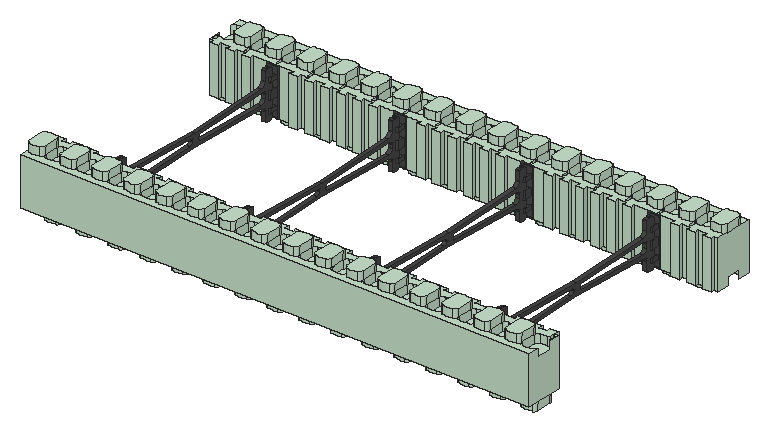
Revit family
Reference planes (in)
  plane 1 "Center (Front/Back)": y = 0
  plane 2: z = 0
  plane 3 "Center (Left/Right)": x = 0
  plane 4: y = 2.625
  plane 5: x = 32
  plane 6: z = 3
  plane 7: y = 14.625
  plane 8: y = 17.25
Forms (in)
  Extrusion 1, solid, material "NUDURA Expanded Polystyrene Foam Insulation"
    sketch origin (0, 0, 0) x (1, 0, 0) y (0, 1, 0)
      loop
        line (0, 2.375) -> (0, 0) -> (32, 0) -> (32, 2.375) -> (31.71883, 2.375) -> (31.78117, 2.625) -> (31.21883, 2.625) -> (31.28117, 2.375) -> (30.71883, 2.375) -> (30.78117, 2.625) -> (30.21883, 2.625) -> (30.28117, 2.375) -> (29.71883, 2.375) -> (29.78117, 2.625) -> (29.21883, 2.625) -> (29.28117, 2.375) -> (26.71883, 2.375) -> (26.78117, 2.625) -> (26.21883, 2.625) -> (26.28117, 2.375) -> (25.71883, 2.375) -> (25.78117, 2.625) -> (25.21883, 2.625) -> (25.28117, 2.375) -> (24.71883, 2.375) -> (24.78117, 2.625) -> (24.21883, 2.625) -> (24.28117, 2.375) -> (23.71883, 2.375) -> (23.78117, 2.625) -> (23.21883, 2.625) -> (23.28117, 2.375) -> (22.71883, 2.375) -> (22.78117, 2.625) -> (22.21883, 2.625) -> (22.28117, 2.375) -> (21.71883, 2.375) -> (21.78117, 2.625) -> (21.21883, 2.625) -> (21.28117, 2.375) -> (18.71883, 2.375) -> (18.78117, 2.625) -> (18.21883, 2.625) -> (18.28117, 2.375) -> (17.71883, 2.375) -> (17.78117, 2.625) -> (17.21883, 2.625) -> (17.28117, 2.375) -> (16.71883, 2.375) -> (16.78117, 2.625) -> (16.21883, 2.625) -> (16.28117, 2.375) -> (15.71883, 2.375) -> (15.78117, 2.625) -> (15.21883, 2.625) -> (15.28117, 2.375) -> (14.71883, 2.375) -> (14.78117, 2.625) -> (14.21883, 2.625) -> (14.28117, 2.375) -> (13.71883, 2.375) -> (13.78117, 2.625) -> (13.21883, 2.625) -> (13.28117, 2.375) -> (10.71883, 2.375) -> (10.78117, 2.625) -> (10.21883, 2.625) -> (10.28117, 2.375) -> (9.71883, 2.375) -> (9.78117, 2.625) -> (9.21883, 2.625) -> (9.28117, 2.375) -> (8.71883, 2.375) -> (8.78117, 2.625) -> (8.21883, 2.625) -> (8.28117, 2.375) -> (7.71883, 2.375) -> (7.78117, 2.625) -> (7.21883, 2.625) -> (7.28117, 2.375) -> (6.71883, 2.375) -> (6.78117, 2.625) -> (6.21883, 2.625) -> (6.28117, 2.375) -> (5.71883, 2.375) -> (5.78117, 2.625) -> (5.21883, 2.625) -> (5.28117, 2.375) -> (2.71883, 2.375) -> (2.78117, 2.625) -> (2.21883, 2.625) -> (2.28117, 2.375) -> (1.71883, 2.375) -> (1.78117, 2.625) -> (1.21883, 2.625) -> (1.28117, 2.375) -> (0.71883, 2.375) -> (0.78117, 2.625) -> (0.21883, 2.625) -> (0.28117, 2.375) -> (0, 2.375)
      loop
        line (0, 14.875) -> (0.28117, 14.875) -> (0.21883, 14.625) -> (0.78117, 14.625) -> (0.71883, 14.875) -> (1.28117, 14.875) -> (1.21883, 14.625) -> (1.78117, 14.625) -> (1.71883, 14.875) -> (2.28117, 14.875) -> (2.21883, 14.625) -> (2.78117, 14.625) -> (2.71883, 14.875) -> (5.28117, 14.875) -> (5.21883, 14.625) -> (5.78117, 14.625) -> (5.71883, 14.875) -> (6.28117, 14.875) -> (6.21883, 14.625) -> (6.78117, 14.625) -> (6.71883, 14.875) -> (7.28117, 14.875) -> (7.21883, 14.625) -> (7.78117, 14.625) -> (7.71883, 14.875) -> (8.28117, 14.875) -> (8.21883, 14.625) -> (8.78117, 14.625) -> (8.71883, 14.875) -> (9.28117, 14.875) -> (9.21883, 14.625) -> (9.78117, 14.625) -> (9.71883, 14.875) -> (10.28117, 14.875) -> (10.21883, 14.625) -> (10.78117, 14.625) -> (10.71883, 14.875) -> (13.28117, 14.875) -> (13.21883, 14.625) -> (13.78117, 14.625) -> (13.71883, 14.875) -> (14.28117, 14.875) -> (14.21883, 14.625) -> (14.78117, 14.625) -> (14.71883, 14.875) -> (15.28117, 14.875) -> (15.21883, 14.625) -> (15.78117, 14.625) -> (15.71883, 14.875) -> (16.28117, 14.875) -> (16.21883, 14.625) -> (16.78117, 14.625) -> (16.71883, 14.875) -> (17.28117, 14.875) -> (17.21883, 14.625) -> (17.78117, 14.625) -> (17.71883, 14.875) -> (18.28117, 14.875) -> (18.21883, 14.625) -> (18.78117, 14.625) -> (18.71883, 14.875) -> (21.28117, 14.875) -> (21.21883, 14.625) -> (21.78117, 14.625) -> (21.71883, 14.875) -> (22.28117, 14.875) -> (22.21883, 14.625) -> (22.78117, 14.625) -> (22.71883, 14.875) -> (23.28117, 14.875) -> (23.21883, 14.625) -> (23.78117, 14.625) -> (23.71883, 14.875) -> (24.28117, 14.875) -> (24.21883, 14.625) -> (24.78117, 14.625) -> (24.71883, 14.875) -> (25.28117, 14.875) -> (25.21883, 14.625) -> (25.78117, 14.625) -> (25.71883, 14.875) -> (26.28117, 14.875) -> (26.21883, 14.625) -> (26.78117, 14.625) -> (26.71883, 14.875) -> (29.28117, 14.875) -> (29.21883, 14.625) -> (29.78117, 14.625) -> (29.71883, 14.875) -> (30.28117, 14.875) -> (30.21883, 14.625) -> (30.78117, 14.625) -> (30.71883, 14.875) -> (31.28117, 14.875) -> (31.21883, 14.625) -> (31.78117, 14.625) -> (31.71883, 14.875) -> (32, 14.875) -> (32, 17.25) -> (0, 17.25) -> (0, 14.875)
    from 0 to 3
  Extrusion 2, void
    sketch origin (0, 0, 0) x (1, 0, 0) y (0, 1, 0)
      loop
        line (1.74592, 2.20655) -> (1.74592, 1.98495)
        arc (1.74592, 1.98495) -> (1.72385, 1.93729) -> (1.67323, 1.92328) r 0.0625
        arc (1.67323, 1.92328) -> (1.42092, 1.93455) -> (1.17308, 1.88595) r 1.0625
        arc (1.17308, 1.88595) -> (1.04785, 1.79517) -> (1, 1.64808) r 0.25
        line (1, 1.64808) -> (1, 0.72692)
        arc (1, 0.72692) -> (1.04785, 0.57983) -> (1.17308, 0.48905) r 0.25
        arc (1.17308, 0.48905) -> (1.5, 0.4375) -> (1.82692, 0.48905) r 1.0625
        arc (1.82692, 0.48905) -> (1.95215, 0.57983) -> (2, 0.72692) r 0.25
        line (2, 0.72692) -> (2, 1.64808)
        arc (2, 1.64808) -> (1.98276, 1.73932) -> (1.9334, 1.81798) r 0.25
        arc (1.9334, 1.81798) -> (1.92106, 1.83764) -> (1.91675, 1.86045) r 0.0625
        line (1.91675, 1.86045) -> (1.91675, 2.20655) -> (1.74592, 2.20655)
    from 3 to 2.5
  Extrusion 3, void
    sketch origin (2, 0, 0) x (1, 0, 0) y (0, 1, 0)
      loop
        line (1.74592, 2.20655) -> (1.74592, 1.98495)
        arc (1.74592, 1.98495) -> (1.72385, 1.93729) -> (1.67323, 1.92328) r 0.0625
        arc (1.67323, 1.92328) -> (1.42092, 1.93455) -> (1.17308, 1.88595) r 1.0625
        arc (1.17308, 1.88595) -> (1.04785, 1.79517) -> (1, 1.64808) r 0.25
        line (1, 1.64808) -> (1, 0.72692)
        arc (1, 0.72692) -> (1.04785, 0.57983) -> (1.17308, 0.48905) r 0.25
        arc (1.17308, 0.48905) -> (1.5, 0.4375) -> (1.82692, 0.48905) r 1.0625
        arc (1.82692, 0.48905) -> (1.95215, 0.57983) -> (2, 0.72692) r 0.25
        line (2, 0.72692) -> (2, 1.64808)
        arc (2, 1.64808) -> (1.98276, 1.73932) -> (1.9334, 1.81798) r 0.25
        arc (1.9334, 1.81798) -> (1.92106, 1.83764) -> (1.91675, 1.86045) r 0.0625
        line (1.91675, 1.86045) -> (1.91675, 2.20655) -> (1.74592, 2.20655)
    from 3 to 2.5
  Extrusion 4, void
    sketch origin (4, 0, 0) x (1, 0, 0) y (0, 1, 0)
      loop
        line (1.74592, 2.20655) -> (1.74592, 1.98495)
        arc (1.74592, 1.98495) -> (1.72385, 1.93729) -> (1.67323, 1.92328) r 0.0625
        arc (1.67323, 1.92328) -> (1.42092, 1.93455) -> (1.17308, 1.88595) r 1.0625
        arc (1.17308, 1.88595) -> (1.04785, 1.79517) -> (1, 1.64808) r 0.25
        line (1, 1.64808) -> (1, 0.72692)
        arc (1, 0.72692) -> (1.04785, 0.57983) -> (1.17308, 0.48905) r 0.25
        arc (1.17308, 0.48905) -> (1.5, 0.4375) -> (1.82692, 0.48905) r 1.0625
        arc (1.82692, 0.48905) -> (1.95215, 0.57983) -> (2, 0.72692) r 0.25
        line (2, 0.72692) -> (2, 1.64808)
        arc (2, 1.64808) -> (1.98276, 1.73932) -> (1.9334, 1.81798) r 0.25
        arc (1.9334, 1.81798) -> (1.92106, 1.83764) -> (1.91675, 1.86045) r 0.0625
        line (1.91675, 1.86045) -> (1.91675, 2.20655) -> (1.74592, 2.20655)
    from 3 to 2.5
  Extrusion 5, void
    sketch origin (6, 0, 0) x (1, 0, 0) y (0, 1, 0)
      loop
        line (1.74592, 2.20655) -> (1.74592, 1.98495)
        arc (1.74592, 1.98495) -> (1.72385, 1.93729) -> (1.67323, 1.92328) r 0.0625
        arc (1.67323, 1.92328) -> (1.42092, 1.93455) -> (1.17308, 1.88595) r 1.0625
        arc (1.17308, 1.88595) -> (1.04785, 1.79517) -> (1, 1.64808) r 0.25
        line (1, 1.64808) -> (1, 0.72692)
        arc (1, 0.72692) -> (1.04785, 0.57983) -> (1.17308, 0.48905) r 0.25
        arc (1.17308, 0.48905) -> (1.5, 0.4375) -> (1.82692, 0.48905) r 1.0625
        arc (1.82692, 0.48905) -> (1.95215, 0.57983) -> (2, 0.72692) r 0.25
        line (2, 0.72692) -> (2, 1.64808)
        arc (2, 1.64808) -> (1.98276, 1.73932) -> (1.9334, 1.81798) r 0.25
        arc (1.9334, 1.81798) -> (1.92106, 1.83764) -> (1.91675, 1.86045) r 0.0625
        line (1.91675, 1.86045) -> (1.91675, 2.20655) -> (1.74592, 2.20655)
    from 3 to 2.5
  Extrusion 6, void
    sketch origin (8, 0, 0) x (1, 0, 0) y (0, 1, 0)
      loop
        line (1.74592, 2.20655) -> (1.74592, 1.98495)
        arc (1.74592, 1.98495) -> (1.72385, 1.93729) -> (1.67323, 1.92328) r 0.0625
        arc (1.67323, 1.92328) -> (1.42092, 1.93455) -> (1.17308, 1.88595) r 1.0625
        arc (1.17308, 1.88595) -> (1.04785, 1.79517) -> (1, 1.64808) r 0.25
        line (1, 1.64808) -> (1, 0.72692)
        arc (1, 0.72692) -> (1.04785, 0.57983) -> (1.17308, 0.48905) r 0.25
        arc (1.17308, 0.48905) -> (1.5, 0.4375) -> (1.82692, 0.48905) r 1.0625
        arc (1.82692, 0.48905) -> (1.95215, 0.57983) -> (2, 0.72692) r 0.25
        line (2, 0.72692) -> (2, 1.64808)
        arc (2, 1.64808) -> (1.98276, 1.73932) -> (1.9334, 1.81798) r 0.25
        arc (1.9334, 1.81798) -> (1.92106, 1.83764) -> (1.91675, 1.86045) r 0.0625
        line (1.91675, 1.86045) -> (1.91675, 2.20655) -> (1.74592, 2.20655)
    from 3 to 2.5
  Extrusion 7, void
    sketch origin (10, 0, 0) x (1, 0, 0) y (0, 1, 0)
      loop
        line (1.74592, 2.20655) -> (1.74592, 1.98495)
        arc (1.74592, 1.98495) -> (1.72385, 1.93729) -> (1.67323, 1.92328) r 0.0625
        arc (1.67323, 1.92328) -> (1.42092, 1.93455) -> (1.17308, 1.88595) r 1.0625
        arc (1.17308, 1.88595) -> (1.04785, 1.79517) -> (1, 1.64808) r 0.25
        line (1, 1.64808) -> (1, 0.72692)
        arc (1, 0.72692) -> (1.04785, 0.57983) -> (1.17308, 0.48905) r 0.25
        arc (1.17308, 0.48905) -> (1.5, 0.4375) -> (1.82692, 0.48905) r 1.0625
        arc (1.82692, 0.48905) -> (1.95215, 0.57983) -> (2, 0.72692) r 0.25
        line (2, 0.72692) -> (2, 1.64808)
        arc (2, 1.64808) -> (1.98276, 1.73932) -> (1.9334, 1.81798) r 0.25
        arc (1.9334, 1.81798) -> (1.92106, 1.83764) -> (1.91675, 1.86045) r 0.0625
        line (1.91675, 1.86045) -> (1.91675, 2.20655) -> (1.74592, 2.20655)
    from 3 to 2.5
  Extrusion 8, void
    sketch origin (12, 0, 0) x (1, 0, 0) y (0, 1, 0)
      loop
        line (1.74592, 2.20655) -> (1.74592, 1.98495)
        arc (1.74592, 1.98495) -> (1.72385, 1.93729) -> (1.67323, 1.92328) r 0.0625
        arc (1.67323, 1.92328) -> (1.42092, 1.93455) -> (1.17308, 1.88595) r 1.0625
        arc (1.17308, 1.88595) -> (1.04785, 1.79517) -> (1, 1.64808) r 0.25
        line (1, 1.64808) -> (1, 0.72692)
        arc (1, 0.72692) -> (1.04785, 0.57983) -> (1.17308, 0.48905) r 0.25
        arc (1.17308, 0.48905) -> (1.5, 0.4375) -> (1.82692, 0.48905) r 1.0625
        arc (1.82692, 0.48905) -> (1.95215, 0.57983) -> (2, 0.72692) r 0.25
        line (2, 0.72692) -> (2, 1.64808)
        arc (2, 1.64808) -> (1.98276, 1.73932) -> (1.9334, 1.81798) r 0.25
        arc (1.9334, 1.81798) -> (1.92106, 1.83764) -> (1.91675, 1.86045) r 0.0625
        line (1.91675, 1.86045) -> (1.91675, 2.20655) -> (1.74592, 2.20655)
    from 3 to 2.5
  Extrusion 9, void
    sketch origin (14, 0, 0) x (1, 0, 0) y (0, 1, 0)
      loop
        line (1.74592, 2.20655) -> (1.74592, 1.98495)
        arc (1.74592, 1.98495) -> (1.72385, 1.93729) -> (1.67323, 1.92328) r 0.0625
        arc (1.67323, 1.92328) -> (1.42092, 1.93455) -> (1.17308, 1.88595) r 1.0625
        arc (1.17308, 1.88595) -> (1.04785, 1.79517) -> (1, 1.64808) r 0.25
        line (1, 1.64808) -> (1, 0.72692)
        arc (1, 0.72692) -> (1.04785, 0.57983) -> (1.17308, 0.48905) r 0.25
        arc (1.17308, 0.48905) -> (1.5, 0.4375) -> (1.82692, 0.48905) r 1.0625
        arc (1.82692, 0.48905) -> (1.95215, 0.57983) -> (2, 0.72692) r 0.25
        line (2, 0.72692) -> (2, 1.64808)
        arc (2, 1.64808) -> (1.98276, 1.73932) -> (1.9334, 1.81798) r 0.25
        arc (1.9334, 1.81798) -> (1.92106, 1.83764) -> (1.91675, 1.86045) r 0.0625
        line (1.91675, 1.86045) -> (1.91675, 2.20655) -> (1.74592, 2.20655)
    from 3 to 2.5
  Extrusion 10, void
    sketch origin (16, 0, 0) x (1, 0, 0) y (0, 1, 0)
      loop
        line (1.74592, 2.20655) -> (1.74592, 1.98495)
        arc (1.74592, 1.98495) -> (1.72385, 1.93729) -> (1.67323, 1.92328) r 0.0625
        arc (1.67323, 1.92328) -> (1.42092, 1.93455) -> (1.17308, 1.88595) r 1.0625
        arc (1.17308, 1.88595) -> (1.04785, 1.79517) -> (1, 1.64808) r 0.25
        line (1, 1.64808) -> (1, 0.72692)
        arc (1, 0.72692) -> (1.04785, 0.57983) -> (1.17308, 0.48905) r 0.25
        arc (1.17308, 0.48905) -> (1.5, 0.4375) -> (1.82692, 0.48905) r 1.0625
        arc (1.82692, 0.48905) -> (1.95215, 0.57983) -> (2, 0.72692) r 0.25
        line (2, 0.72692) -> (2, 1.64808)
        arc (2, 1.64808) -> (1.98276, 1.73932) -> (1.9334, 1.81798) r 0.25
        arc (1.9334, 1.81798) -> (1.92106, 1.83764) -> (1.91675, 1.86045) r 0.0625
        line (1.91675, 1.86045) -> (1.91675, 2.20655) -> (1.74592, 2.20655)
    from 3 to 2.5
  Extrusion 11, void
    sketch origin (18, 0, 0) x (1, 0, 0) y (0, 1, 0)
      loop
        line (1.74592, 2.20655) -> (1.74592, 1.98495)
        arc (1.74592, 1.98495) -> (1.72385, 1.93729) -> (1.67323, 1.92328) r 0.0625
        arc (1.67323, 1.92328) -> (1.42092, 1.93455) -> (1.17308, 1.88595) r 1.0625
        arc (1.17308, 1.88595) -> (1.04785, 1.79517) -> (1, 1.64808) r 0.25
        line (1, 1.64808) -> (1, 0.72692)
        arc (1, 0.72692) -> (1.04785, 0.57983) -> (1.17308, 0.48905) r 0.25
        arc (1.17308, 0.48905) -> (1.5, 0.4375) -> (1.82692, 0.48905) r 1.0625
        arc (1.82692, 0.48905) -> (1.95215, 0.57983) -> (2, 0.72692) r 0.25
        line (2, 0.72692) -> (2, 1.64808)
        arc (2, 1.64808) -> (1.98276, 1.73932) -> (1.9334, 1.81798) r 0.25
        arc (1.9334, 1.81798) -> (1.92106, 1.83764) -> (1.91675, 1.86045) r 0.0625
        line (1.91675, 1.86045) -> (1.91675, 2.20655) -> (1.74592, 2.20655)
    from 3 to 2.5
  Extrusion 12, void
    sketch origin (20, 0, 0) x (1, 0, 0) y (0, 1, 0)
      loop
        line (1.74592, 2.20655) -> (1.74592, 1.98495)
        arc (1.74592, 1.98495) -> (1.72385, 1.93729) -> (1.67323, 1.92328) r 0.0625
        arc (1.67323, 1.92328) -> (1.42092, 1.93455) -> (1.17308, 1.88595) r 1.0625
        arc (1.17308, 1.88595) -> (1.04785, 1.79517) -> (1, 1.64808) r 0.25
        line (1, 1.64808) -> (1, 0.72692)
        arc (1, 0.72692) -> (1.04785, 0.57983) -> (1.17308, 0.48905) r 0.25
        arc (1.17308, 0.48905) -> (1.5, 0.4375) -> (1.82692, 0.48905) r 1.0625
        arc (1.82692, 0.48905) -> (1.95215, 0.57983) -> (2, 0.72692) r 0.25
        line (2, 0.72692) -> (2, 1.64808)
        arc (2, 1.64808) -> (1.98276, 1.73932) -> (1.9334, 1.81798) r 0.25
        arc (1.9334, 1.81798) -> (1.92106, 1.83764) -> (1.91675, 1.86045) r 0.0625
        line (1.91675, 1.86045) -> (1.91675, 2.20655) -> (1.74592, 2.20655)
    from 3 to 2.5
  Extrusion 13, void
    sketch origin (22, 0, 0) x (1, 0, 0) y (0, 1, 0)
      loop
        line (1.74592, 2.20655) -> (1.74592, 1.98495)
        arc (1.74592, 1.98495) -> (1.72385, 1.93729) -> (1.67323, 1.92328) r 0.0625
        arc (1.67323, 1.92328) -> (1.42092, 1.93455) -> (1.17308, 1.88595) r 1.0625
        arc (1.17308, 1.88595) -> (1.04785, 1.79517) -> (1, 1.64808) r 0.25
        line (1, 1.64808) -> (1, 0.72692)
        arc (1, 0.72692) -> (1.04785, 0.57983) -> (1.17308, 0.48905) r 0.25
        arc (1.17308, 0.48905) -> (1.5, 0.4375) -> (1.82692, 0.48905) r 1.0625
        arc (1.82692, 0.48905) -> (1.95215, 0.57983) -> (2, 0.72692) r 0.25
        line (2, 0.72692) -> (2, 1.64808)
        arc (2, 1.64808) -> (1.98276, 1.73932) -> (1.9334, 1.81798) r 0.25
        arc (1.9334, 1.81798) -> (1.92106, 1.83764) -> (1.91675, 1.86045) r 0.0625
        line (1.91675, 1.86045) -> (1.91675, 2.20655) -> (1.74592, 2.20655)
    from 3 to 2.5
  Extrusion 14, void
    sketch origin (24, 0, 0) x (1, 0, 0) y (0, 1, 0)
      loop
        line (1.74592, 2.20655) -> (1.74592, 1.98495)
        arc (1.74592, 1.98495) -> (1.72385, 1.93729) -> (1.67323, 1.92328) r 0.0625
        arc (1.67323, 1.92328) -> (1.42092, 1.93455) -> (1.17308, 1.88595) r 1.0625
        arc (1.17308, 1.88595) -> (1.04785, 1.79517) -> (1, 1.64808) r 0.25
        line (1, 1.64808) -> (1, 0.72692)
        arc (1, 0.72692) -> (1.04785, 0.57983) -> (1.17308, 0.48905) r 0.25
        arc (1.17308, 0.48905) -> (1.5, 0.4375) -> (1.82692, 0.48905) r 1.0625
        arc (1.82692, 0.48905) -> (1.95215, 0.57983) -> (2, 0.72692) r 0.25
        line (2, 0.72692) -> (2, 1.64808)
        arc (2, 1.64808) -> (1.98276, 1.73932) -> (1.9334, 1.81798) r 0.25
        arc (1.9334, 1.81798) -> (1.92106, 1.83764) -> (1.91675, 1.86045) r 0.0625
        line (1.91675, 1.86045) -> (1.91675, 2.20655) -> (1.74592, 2.20655)
    from 3 to 2.5
  Extrusion 15, void
    sketch origin (26, 0, 0) x (1, 0, 0) y (0, 1, 0)
      loop
        line (1.74592, 2.20655) -> (1.74592, 1.98495)
        arc (1.74592, 1.98495) -> (1.72385, 1.93729) -> (1.67323, 1.92328) r 0.0625
        arc (1.67323, 1.92328) -> (1.42092, 1.93455) -> (1.17308, 1.88595) r 1.0625
        arc (1.17308, 1.88595) -> (1.04785, 1.79517) -> (1, 1.64808) r 0.25
        line (1, 1.64808) -> (1, 0.72692)
        arc (1, 0.72692) -> (1.04785, 0.57983) -> (1.17308, 0.48905) r 0.25
        arc (1.17308, 0.48905) -> (1.5, 0.4375) -> (1.82692, 0.48905) r 1.0625
        arc (1.82692, 0.48905) -> (1.95215, 0.57983) -> (2, 0.72692) r 0.25
        line (2, 0.72692) -> (2, 1.64808)
        arc (2, 1.64808) -> (1.98276, 1.73932) -> (1.9334, 1.81798) r 0.25
        arc (1.9334, 1.81798) -> (1.92106, 1.83764) -> (1.91675, 1.86045) r 0.0625
        line (1.91675, 1.86045) -> (1.91675, 2.20655) -> (1.74592, 2.20655)
    from 3 to 2.5
  Extrusion 16, void
    sketch origin (28, 0, 0) x (1, 0, 0) y (0, 1, 0)
      loop
        line (1.74592, 2.20655) -> (1.74592, 1.98495)
        arc (1.74592, 1.98495) -> (1.72385, 1.93729) -> (1.67323, 1.92328) r 0.0625
        arc (1.67323, 1.92328) -> (1.42092, 1.93455) -> (1.17308, 1.88595) r 1.0625
        arc (1.17308, 1.88595) -> (1.04785, 1.79517) -> (1, 1.64808) r 0.25
        line (1, 1.64808) -> (1, 0.72692)
        arc (1, 0.72692) -> (1.04785, 0.57983) -> (1.17308, 0.48905) r 0.25
        arc (1.17308, 0.48905) -> (1.5, 0.4375) -> (1.82692, 0.48905) r 1.0625
        arc (1.82692, 0.48905) -> (1.95215, 0.57983) -> (2, 0.72692) r 0.25
        line (2, 0.72692) -> (2, 1.64808)
        arc (2, 1.64808) -> (1.98276, 1.73932) -> (1.9334, 1.81798) r 0.25
        arc (1.9334, 1.81798) -> (1.92106, 1.83764) -> (1.91675, 1.86045) r 0.0625
        line (1.91675, 1.86045) -> (1.91675, 2.20655) -> (1.74592, 2.20655)
    from 3 to 2.5
  Extrusion 17, void
    sketch origin (30, 0, 0) x (1, 0, 0) y (0, 1, 0)
      loop
        line (1.74592, 2.20655) -> (1.74592, 1.98495)
        arc (1.74592, 1.98495) -> (1.72385, 1.93729) -> (1.67323, 1.92328) r 0.0625
        arc (1.67323, 1.92328) -> (1.42092, 1.93455) -> (1.17308, 1.88595) r 1.0625
        arc (1.17308, 1.88595) -> (1.04785, 1.79517) -> (1, 1.64808) r 0.25
        line (1, 1.64808) -> (1, 0.72692)
        arc (1, 0.72692) -> (1.04785, 0.57983) -> (1.17308, 0.48905) r 0.25
        arc (1.17308, 0.48905) -> (1.5, 0.4375) -> (1.82692, 0.48905) r 1.0625
        arc (1.82692, 0.48905) -> (1.95215, 0.57983) -> (2, 0.72692) r 0.25
        line (2, 0.72692) -> (2, 1.64808)
        arc (2, 1.64808) -> (1.98276, 1.73932) -> (1.9334, 1.81798) r 0.25
        arc (1.9334, 1.81798) -> (1.92106, 1.83764) -> (1.91675, 1.86045) r 0.0625
        line (1.91675, 1.86045) -> (1.91675, 2.20655) -> (1.74592, 2.20655)
    from 3 to 2.5
  Extrusion 18, void
    sketch origin (0, 0, 0) x (1, 0, 0) y (0, 1, 0)
      loop
        line (0.25408, 2.20655) -> (0.08325, 2.20655) -> (0.08325, 1.86045)
        arc (0.08325, 1.86045) -> (0.07894, 1.83764) -> (0.0666, 1.81798) r 0.0625
        arc (0.0666, 1.81798) -> (0.01724, 1.73932) -> (0, 1.64808) r 0.25
        line (0, 1.64808) -> (0, 0.72692)
        arc (0, 0.72692) -> (0.04785, 0.57983) -> (0.17308, 0.48905) r 0.25
        arc (0.17308, 0.48905) -> (0.5, 0.4375) -> (0.82692, 0.48905) r 1.0625
        arc (0.82692, 0.48905) -> (0.95215, 0.57983) -> (1, 0.72692) r 0.25
        line (1, 0.72692) -> (1, 1.64808)
        arc (1, 1.64808) -> (0.95215, 1.79517) -> (0.82692, 1.88595) r 0.25
        arc (0.82692, 1.88595) -> (0.57908, 1.93455) -> (0.32677, 1.92328) r 1.0625
        arc (0.32677, 1.92328) -> (0.27615, 1.93729) -> (0.25408, 1.98495) r 0.0625
        line (0.25408, 1.98495) -> (0.25408, 2.20655)
    from 0 to 0.5
  Extrusion 19, void
    sketch origin (2, 0, 0) x (1, 0, 0) y (0, 1, 0)
      loop
        line (0.25408, 2.20655) -> (0.08325, 2.20655) -> (0.08325, 1.86045)
        arc (0.08325, 1.86045) -> (0.07894, 1.83764) -> (0.0666, 1.81798) r 0.0625
        arc (0.0666, 1.81798) -> (0.01724, 1.73932) -> (0, 1.64808) r 0.25
        line (0, 1.64808) -> (0, 0.72692)
        arc (0, 0.72692) -> (0.04785, 0.57983) -> (0.17308, 0.48905) r 0.25
        arc (0.17308, 0.48905) -> (0.5, 0.4375) -> (0.82692, 0.48905) r 1.0625
        arc (0.82692, 0.48905) -> (0.95215, 0.57983) -> (1, 0.72692) r 0.25
        line (1, 0.72692) -> (1, 1.64808)
        arc (1, 1.64808) -> (0.95215, 1.79517) -> (0.82692, 1.88595) r 0.25
        arc (0.82692, 1.88595) -> (0.57908, 1.93455) -> (0.32677, 1.92328) r 1.0625
        arc (0.32677, 1.92328) -> (0.27615, 1.93729) -> (0.25408, 1.98495) r 0.0625
        line (0.25408, 1.98495) -> (0.25408, 2.20655)
    from 0 to 0.5
  Extrusion 20, void
    sketch origin (4, 0, 0) x (1, 0, 0) y (0, 1, 0)
      loop
        line (0.25408, 2.20655) -> (0.08325, 2.20655) -> (0.08325, 1.86045)
        arc (0.08325, 1.86045) -> (0.07894, 1.83764) -> (0.0666, 1.81798) r 0.0625
        arc (0.0666, 1.81798) -> (0.01724, 1.73932) -> (0, 1.64808) r 0.25
        line (0, 1.64808) -> (0, 0.72692)
        arc (0, 0.72692) -> (0.04785, 0.57983) -> (0.17308, 0.48905) r 0.25
        arc (0.17308, 0.48905) -> (0.5, 0.4375) -> (0.82692, 0.48905) r 1.0625
        arc (0.82692, 0.48905) -> (0.95215, 0.57983) -> (1, 0.72692) r 0.25
        line (1, 0.72692) -> (1, 1.64808)
        arc (1, 1.64808) -> (0.95215, 1.79517) -> (0.82692, 1.88595) r 0.25
        arc (0.82692, 1.88595) -> (0.57908, 1.93455) -> (0.32677, 1.92328) r 1.0625
        arc (0.32677, 1.92328) -> (0.27615, 1.93729) -> (0.25408, 1.98495) r 0.0625
        line (0.25408, 1.98495) -> (0.25408, 2.20655)
    from 0 to 0.5
  Extrusion 21, void
    sketch origin (6, 0, 0) x (1, 0, 0) y (0, 1, 0)
      loop
        line (0.25408, 2.20655) -> (0.08325, 2.20655) -> (0.08325, 1.86045)
        arc (0.08325, 1.86045) -> (0.07894, 1.83764) -> (0.0666, 1.81798) r 0.0625
        arc (0.0666, 1.81798) -> (0.01724, 1.73932) -> (0, 1.64808) r 0.25
        line (0, 1.64808) -> (0, 0.72692)
        arc (0, 0.72692) -> (0.04785, 0.57983) -> (0.17308, 0.48905) r 0.25
        arc (0.17308, 0.48905) -> (0.5, 0.4375) -> (0.82692, 0.48905) r 1.0625
        arc (0.82692, 0.48905) -> (0.95215, 0.57983) -> (1, 0.72692) r 0.25
        line (1, 0.72692) -> (1, 1.64808)
        arc (1, 1.64808) -> (0.95215, 1.79517) -> (0.82692, 1.88595) r 0.25
        arc (0.82692, 1.88595) -> (0.57908, 1.93455) -> (0.32677, 1.92328) r 1.0625
        arc (0.32677, 1.92328) -> (0.27615, 1.93729) -> (0.25408, 1.98495) r 0.0625
        line (0.25408, 1.98495) -> (0.25408, 2.20655)
    from 0 to 0.5
  Extrusion 22, void
    sketch origin (8, 0, 0) x (1, 0, 0) y (0, 1, 0)
      loop
        line (0.25408, 2.20655) -> (0.08325, 2.20655) -> (0.08325, 1.86045)
        arc (0.08325, 1.86045) -> (0.07894, 1.83764) -> (0.0666, 1.81798) r 0.0625
        arc (0.0666, 1.81798) -> (0.01724, 1.73932) -> (0, 1.64808) r 0.25
        line (0, 1.64808) -> (0, 0.72692)
        arc (0, 0.72692) -> (0.04785, 0.57983) -> (0.17308, 0.48905) r 0.25
        arc (0.17308, 0.48905) -> (0.5, 0.4375) -> (0.82692, 0.48905) r 1.0625
        arc (0.82692, 0.48905) -> (0.95215, 0.57983) -> (1, 0.72692) r 0.25
        line (1, 0.72692) -> (1, 1.64808)
        arc (1, 1.64808) -> (0.95215, 1.79517) -> (0.82692, 1.88595) r 0.25
        arc (0.82692, 1.88595) -> (0.57908, 1.93455) -> (0.32677, 1.92328) r 1.0625
        arc (0.32677, 1.92328) -> (0.27615, 1.93729) -> (0.25408, 1.98495) r 0.0625
        line (0.25408, 1.98495) -> (0.25408, 2.20655)
    from 0 to 0.5
  Extrusion 23, void
    sketch origin (10, 0, 0) x (1, 0, 0) y (0, 1, 0)
      loop
        line (0.25408, 2.20655) -> (0.08325, 2.20655) -> (0.08325, 1.86045)
        arc (0.08325, 1.86045) -> (0.07894, 1.83764) -> (0.0666, 1.81798) r 0.0625
        arc (0.0666, 1.81798) -> (0.01724, 1.73932) -> (0, 1.64808) r 0.25
        line (0, 1.64808) -> (0, 0.72692)
        arc (0, 0.72692) -> (0.04785, 0.57983) -> (0.17308, 0.48905) r 0.25
        arc (0.17308, 0.48905) -> (0.5, 0.4375) -> (0.82692, 0.48905) r 1.0625
        arc (0.82692, 0.48905) -> (0.95215, 0.57983) -> (1, 0.72692) r 0.25
        line (1, 0.72692) -> (1, 1.64808)
        arc (1, 1.64808) -> (0.95215, 1.79517) -> (0.82692, 1.88595) r 0.25
        arc (0.82692, 1.88595) -> (0.57908, 1.93455) -> (0.32677, 1.92328) r 1.0625
        arc (0.32677, 1.92328) -> (0.27615, 1.93729) -> (0.25408, 1.98495) r 0.0625
        line (0.25408, 1.98495) -> (0.25408, 2.20655)
    from 0 to 0.5
  Extrusion 24, void
    sketch origin (12, 0, 0) x (1, 0, 0) y (0, 1, 0)
      loop
        line (0.25408, 2.20655) -> (0.08325, 2.20655) -> (0.08325, 1.86045)
        arc (0.08325, 1.86045) -> (0.07894, 1.83764) -> (0.0666, 1.81798) r 0.0625
        arc (0.0666, 1.81798) -> (0.01724, 1.73932) -> (0, 1.64808) r 0.25
        line (0, 1.64808) -> (0, 0.72692)
        arc (0, 0.72692) -> (0.04785, 0.57983) -> (0.17308, 0.48905) r 0.25
        arc (0.17308, 0.48905) -> (0.5, 0.4375) -> (0.82692, 0.48905) r 1.0625
        arc (0.82692, 0.48905) -> (0.95215, 0.57983) -> (1, 0.72692) r 0.25
        line (1, 0.72692) -> (1, 1.64808)
        arc (1, 1.64808) -> (0.95215, 1.79517) -> (0.82692, 1.88595) r 0.25
        arc (0.82692, 1.88595) -> (0.57908, 1.93455) -> (0.32677, 1.92328) r 1.0625
        arc (0.32677, 1.92328) -> (0.27615, 1.93729) -> (0.25408, 1.98495) r 0.0625
        line (0.25408, 1.98495) -> (0.25408, 2.20655)
    from 0 to 0.5
  Extrusion 25, void
    sketch origin (14, 0, 0) x (1, 0, 0) y (0, 1, 0)
      loop
        line (0.25408, 2.20655) -> (0.08325, 2.20655) -> (0.08325, 1.86045)
        arc (0.08325, 1.86045) -> (0.07894, 1.83764) -> (0.0666, 1.81798) r 0.0625
        arc (0.0666, 1.81798) -> (0.01724, 1.73932) -> (0, 1.64808) r 0.25
        line (0, 1.64808) -> (0, 0.72692)
        arc (0, 0.72692) -> (0.04785, 0.57983) -> (0.17308, 0.48905) r 0.25
        arc (0.17308, 0.48905) -> (0.5, 0.4375) -> (0.82692, 0.48905) r 1.0625
        arc (0.82692, 0.48905) -> (0.95215, 0.57983) -> (1, 0.72692) r 0.25
        line (1, 0.72692) -> (1, 1.64808)
        arc (1, 1.64808) -> (0.95215, 1.79517) -> (0.82692, 1.88595) r 0.25
        arc (0.82692, 1.88595) -> (0.57908, 1.93455) -> (0.32677, 1.92328) r 1.0625
        arc (0.32677, 1.92328) -> (0.27615, 1.93729) -> (0.25408, 1.98495) r 0.0625
        line (0.25408, 1.98495) -> (0.25408, 2.20655)
    from 0 to 0.5
  Extrusion 26, void
    sketch origin (16, 0, 0) x (1, 0, 0) y (0, 1, 0)
      loop
        line (0.25408, 2.20655) -> (0.08325, 2.20655) -> (0.08325, 1.86045)
        arc (0.08325, 1.86045) -> (0.07894, 1.83764) -> (0.0666, 1.81798) r 0.0625
        arc (0.0666, 1.81798) -> (0.01724, 1.73932) -> (0, 1.64808) r 0.25
        line (0, 1.64808) -> (0, 0.72692)
        arc (0, 0.72692) -> (0.04785, 0.57983) -> (0.17308, 0.48905) r 0.25
        arc (0.17308, 0.48905) -> (0.5, 0.4375) -> (0.82692, 0.48905) r 1.0625
        arc (0.82692, 0.48905) -> (0.95215, 0.57983) -> (1, 0.72692) r 0.25
        line (1, 0.72692) -> (1, 1.64808)
        arc (1, 1.64808) -> (0.95215, 1.79517) -> (0.82692, 1.88595) r 0.25
        arc (0.82692, 1.88595) -> (0.57908, 1.93455) -> (0.32677, 1.92328) r 1.0625
        arc (0.32677, 1.92328) -> (0.27615, 1.93729) -> (0.25408, 1.98495) r 0.0625
        line (0.25408, 1.98495) -> (0.25408, 2.20655)
    from 0 to 0.5
  Extrusion 27, void
    sketch origin (18, 0, 0) x (1, 0, 0) y (0, 1, 0)
      loop
        line (0.25408, 2.20655) -> (0.08325, 2.20655) -> (0.08325, 1.86045)
        arc (0.08325, 1.86045) -> (0.07894, 1.83764) -> (0.0666, 1.81798) r 0.0625
        arc (0.0666, 1.81798) -> (0.01724, 1.73932) -> (0, 1.64808) r 0.25
        line (0, 1.64808) -> (0, 0.72692)
        arc (0, 0.72692) -> (0.04785, 0.57983) -> (0.17308, 0.48905) r 0.25
        arc (0.17308, 0.48905) -> (0.5, 0.4375) -> (0.82692, 0.48905) r 1.0625
        arc (0.82692, 0.48905) -> (0.95215, 0.57983) -> (1, 0.72692) r 0.25
        line (1, 0.72692) -> (1, 1.64808)
        arc (1, 1.64808) -> (0.95215, 1.79517) -> (0.82692, 1.88595) r 0.25
        arc (0.82692, 1.88595) -> (0.57908, 1.93455) -> (0.32677, 1.92328) r 1.0625
        arc (0.32677, 1.92328) -> (0.27615, 1.93729) -> (0.25408, 1.98495) r 0.0625
        line (0.25408, 1.98495) -> (0.25408, 2.20655)
    from 0 to 0.5
  Extrusion 28, void
    sketch origin (20, 0, 0) x (1, 0, 0) y (0, 1, 0)
      loop
        line (0.25408, 2.20655) -> (0.08325, 2.20655) -> (0.08325, 1.86045)
        arc (0.08325, 1.86045) -> (0.07894, 1.83764) -> (0.0666, 1.81798) r 0.0625
        arc (0.0666, 1.81798) -> (0.01724, 1.73932) -> (0, 1.64808) r 0.25
        line (0, 1.64808) -> (0, 0.72692)
        arc (0, 0.72692) -> (0.04785, 0.57983) -> (0.17308, 0.48905) r 0.25
        arc (0.17308, 0.48905) -> (0.5, 0.4375) -> (0.82692, 0.48905) r 1.0625
        arc (0.82692, 0.48905) -> (0.95215, 0.57983) -> (1, 0.72692) r 0.25
        line (1, 0.72692) -> (1, 1.64808)
        arc (1, 1.64808) -> (0.95215, 1.79517) -> (0.82692, 1.88595) r 0.25
        arc (0.82692, 1.88595) -> (0.57908, 1.93455) -> (0.32677, 1.92328) r 1.0625
        arc (0.32677, 1.92328) -> (0.27615, 1.93729) -> (0.25408, 1.98495) r 0.0625
        line (0.25408, 1.98495) -> (0.25408, 2.20655)
    from 0 to 0.5
  Extrusion 29, void
    sketch origin (22, 0, 0) x (1, 0, 0) y (0, 1, 0)
      loop
        line (0.25408, 2.20655) -> (0.08325, 2.20655) -> (0.08325, 1.86045)
        arc (0.08325, 1.86045) -> (0.07894, 1.83764) -> (0.0666, 1.81798) r 0.0625
        arc (0.0666, 1.81798) -> (0.01724, 1.73932) -> (0, 1.64808) r 0.25
        line (0, 1.64808) -> (0, 0.72692)
        arc (0, 0.72692) -> (0.04785, 0.57983) -> (0.17308, 0.48905) r 0.25
        arc (0.17308, 0.48905) -> (0.5, 0.4375) -> (0.82692, 0.48905) r 1.0625
        arc (0.82692, 0.48905) -> (0.95215, 0.57983) -> (1, 0.72692) r 0.25
        line (1, 0.72692) -> (1, 1.64808)
        arc (1, 1.64808) -> (0.95215, 1.79517) -> (0.82692, 1.88595) r 0.25
        arc (0.82692, 1.88595) -> (0.57908, 1.93455) -> (0.32677, 1.92328) r 1.0625
        arc (0.32677, 1.92328) -> (0.27615, 1.93729) -> (0.25408, 1.98495) r 0.0625
        line (0.25408, 1.98495) -> (0.25408, 2.20655)
    from 0 to 0.5
  Extrusion 30, void
    sketch origin (24, 0, 0) x (1, 0, 0) y (0, 1, 0)
      loop
        line (0.25408, 2.20655) -> (0.08325, 2.20655) -> (0.08325, 1.86045)
        arc (0.08325, 1.86045) -> (0.07894, 1.83764) -> (0.0666, 1.81798) r 0.0625
        arc (0.0666, 1.81798) -> (0.01724, 1.73932) -> (0, 1.64808) r 0.25
        line (0, 1.64808) -> (0, 0.72692)
        arc (0, 0.72692) -> (0.04785, 0.57983) -> (0.17308, 0.48905) r 0.25
        arc (0.17308, 0.48905) -> (0.5, 0.4375) -> (0.82692, 0.48905) r 1.0625
        arc (0.82692, 0.48905) -> (0.95215, 0.57983) -> (1, 0.72692) r 0.25
        line (1, 0.72692) -> (1, 1.64808)
        arc (1, 1.64808) -> (0.95215, 1.79517) -> (0.82692, 1.88595) r 0.25
        arc (0.82692, 1.88595) -> (0.57908, 1.93455) -> (0.32677, 1.92328) r 1.0625
        arc (0.32677, 1.92328) -> (0.27615, 1.93729) -> (0.25408, 1.98495) r 0.0625
        line (0.25408, 1.98495) -> (0.25408, 2.20655)
    from 0 to 0.5
  Extrusion 31, void
    sketch origin (26, 0, 0) x (1, 0, 0) y (0, 1, 0)
      loop
        line (0.25408, 2.20655) -> (0.08325, 2.20655) -> (0.08325, 1.86045)
        arc (0.08325, 1.86045) -> (0.07894, 1.83764) -> (0.0666, 1.81798) r 0.0625
        arc (0.0666, 1.81798) -> (0.01724, 1.73932) -> (0, 1.64808) r 0.25
        line (0, 1.64808) -> (0, 0.72692)
        arc (0, 0.72692) -> (0.04785, 0.57983) -> (0.17308, 0.48905) r 0.25
        arc (0.17308, 0.48905) -> (0.5, 0.4375) -> (0.82692, 0.48905) r 1.0625
        arc (0.82692, 0.48905) -> (0.95215, 0.57983) -> (1, 0.72692) r 0.25
        line (1, 0.72692) -> (1, 1.64808)
        arc (1, 1.64808) -> (0.95215, 1.79517) -> (0.82692, 1.88595) r 0.25
        arc (0.82692, 1.88595) -> (0.57908, 1.93455) -> (0.32677, 1.92328) r 1.0625
        arc (0.32677, 1.92328) -> (0.27615, 1.93729) -> (0.25408, 1.98495) r 0.0625
        line (0.25408, 1.98495) -> (0.25408, 2.20655)
    from 0 to 0.5
  Extrusion 32, void
    sketch origin (28, 0, 0) x (1, 0, 0) y (0, 1, 0)
      loop
        line (0.25408, 2.20655) -> (0.08325, 2.20655) -> (0.08325, 1.86045)
        arc (0.08325, 1.86045) -> (0.07894, 1.83764) -> (0.0666, 1.81798) r 0.0625
        arc (0.0666, 1.81798) -> (0.01724, 1.73932) -> (0, 1.64808) r 0.25
        line (0, 1.64808) -> (0, 0.72692)
        arc (0, 0.72692) -> (0.04785, 0.57983) -> (0.17308, 0.48905) r 0.25
        arc (0.17308, 0.48905) -> (0.5, 0.4375) -> (0.82692, 0.48905) r 1.0625
        arc (0.82692, 0.48905) -> (0.95215, 0.57983) -> (1, 0.72692) r 0.25
        line (1, 0.72692) -> (1, 1.64808)
        arc (1, 1.64808) -> (0.95215, 1.79517) -> (0.82692, 1.88595) r 0.25
        arc (0.82692, 1.88595) -> (0.57908, 1.93455) -> (0.32677, 1.92328) r 1.0625
        arc (0.32677, 1.92328) -> (0.27615, 1.93729) -> (0.25408, 1.98495) r 0.0625
        line (0.25408, 1.98495) -> (0.25408, 2.20655)
    from 0 to 0.5
  Extrusion 33, void
    sketch origin (30, 0, 0) x (1, 0, 0) y (0, 1, 0)
      loop
        line (0.25408, 2.20655) -> (0.08325, 2.20655) -> (0.08325, 1.86045)
        arc (0.08325, 1.86045) -> (0.07894, 1.83764) -> (0.0666, 1.81798) r 0.0625
        arc (0.0666, 1.81798) -> (0.01724, 1.73932) -> (0, 1.64808) r 0.25
        line (0, 1.64808) -> (0, 0.72692)
        arc (0, 0.72692) -> (0.04785, 0.57983) -> (0.17308, 0.48905) r 0.25
        arc (0.17308, 0.48905) -> (0.5, 0.4375) -> (0.82692, 0.48905) r 1.0625
        arc (0.82692, 0.48905) -> (0.95215, 0.57983) -> (1, 0.72692) r 0.25
        line (1, 0.72692) -> (1, 1.64808)
        arc (1, 1.64808) -> (0.95215, 1.79517) -> (0.82692, 1.88595) r 0.25
        arc (0.82692, 1.88595) -> (0.57908, 1.93455) -> (0.32677, 1.92328) r 1.0625
        arc (0.32677, 1.92328) -> (0.27615, 1.93729) -> (0.25408, 1.98495) r 0.0625
        line (0.25408, 1.98495) -> (0.25408, 2.20655)
    from 0 to 0.5
  Extrusion 34, void
    sketch origin (32, 17.25, 0) x (-1, 0, 0) y (0, -1, 0)
      loop
        line (1.74592, 2.20655) -> (1.74592, 1.98495)
        arc (1.74592, 1.98495) -> (1.72385, 1.93729) -> (1.67323, 1.92328) r 0.0625
        arc (1.67323, 1.92328) -> (1.42092, 1.93455) -> (1.17308, 1.88595) r 1.0625
        arc (1.17308, 1.88595) -> (1.04785, 1.79517) -> (1, 1.64808) r 0.25
        line (1, 1.64808) -> (1, 0.72692)
        arc (1, 0.72692) -> (1.04785, 0.57983) -> (1.17308, 0.48905) r 0.25
        arc (1.17308, 0.48905) -> (1.5, 0.4375) -> (1.82692, 0.48905) r 1.0625
        arc (1.82692, 0.48905) -> (1.95215, 0.57983) -> (2, 0.72692) r 0.25
        line (2, 0.72692) -> (2, 1.64808)
        arc (2, 1.64808) -> (1.98276, 1.73932) -> (1.9334, 1.81798) r 0.25
        arc (1.9334, 1.81798) -> (1.92106, 1.83764) -> (1.91675, 1.86045) r 0.0625
        line (1.91675, 1.86045) -> (1.91675, 2.20655) -> (1.74592, 2.20655)
    from 3 to 2.5
  Extrusion 35, void
    sketch origin (30, 17.25, 0) x (-1, 0, 0) y (0, -1, 0)
      loop
        line (1.74592, 2.20655) -> (1.74592, 1.98495)
        arc (1.74592, 1.98495) -> (1.72385, 1.93729) -> (1.67323, 1.92328) r 0.0625
        arc (1.67323, 1.92328) -> (1.42092, 1.93455) -> (1.17308, 1.88595) r 1.0625
        arc (1.17308, 1.88595) -> (1.04785, 1.79517) -> (1, 1.64808) r 0.25
        line (1, 1.64808) -> (1, 0.72692)
        arc (1, 0.72692) -> (1.04785, 0.57983) -> (1.17308, 0.48905) r 0.25
        arc (1.17308, 0.48905) -> (1.5, 0.4375) -> (1.82692, 0.48905) r 1.0625
        arc (1.82692, 0.48905) -> (1.95215, 0.57983) -> (2, 0.72692) r 0.25
        line (2, 0.72692) -> (2, 1.64808)
        arc (2, 1.64808) -> (1.98276, 1.73932) -> (1.9334, 1.81798) r 0.25
        arc (1.9334, 1.81798) -> (1.92106, 1.83764) -> (1.91675, 1.86045) r 0.0625
        line (1.91675, 1.86045) -> (1.91675, 2.20655) -> (1.74592, 2.20655)
    from 3 to 2.5
  Extrusion 36, void
    sketch origin (28, 17.25, 0) x (-1, 0, 0) y (0, -1, 0)
      loop
        line (1.74592, 2.20655) -> (1.74592, 1.98495)
        arc (1.74592, 1.98495) -> (1.72385, 1.93729) -> (1.67323, 1.92328) r 0.0625
        arc (1.67323, 1.92328) -> (1.42092, 1.93455) -> (1.17308, 1.88595) r 1.0625
        arc (1.17308, 1.88595) -> (1.04785, 1.79517) -> (1, 1.64808) r 0.25
        line (1, 1.64808) -> (1, 0.72692)
        arc (1, 0.72692) -> (1.04785, 0.57983) -> (1.17308, 0.48905) r 0.25
        arc (1.17308, 0.48905) -> (1.5, 0.4375) -> (1.82692, 0.48905) r 1.0625
        arc (1.82692, 0.48905) -> (1.95215, 0.57983) -> (2, 0.72692) r 0.25
        line (2, 0.72692) -> (2, 1.64808)
        arc (2, 1.64808) -> (1.98276, 1.73932) -> (1.9334, 1.81798) r 0.25
        arc (1.9334, 1.81798) -> (1.92106, 1.83764) -> (1.91675, 1.86045) r 0.0625
        line (1.91675, 1.86045) -> (1.91675, 2.20655) -> (1.74592, 2.20655)
    from 3 to 2.5
  Extrusion 37, void
    sketch origin (26, 17.25, 0) x (-1, 0, 0) y (0, -1, 0)
      loop
        line (1.74592, 2.20655) -> (1.74592, 1.98495)
        arc (1.74592, 1.98495) -> (1.72385, 1.93729) -> (1.67323, 1.92328) r 0.0625
        arc (1.67323, 1.92328) -> (1.42092, 1.93455) -> (1.17308, 1.88595) r 1.0625
        arc (1.17308, 1.88595) -> (1.04785, 1.79517) -> (1, 1.64808) r 0.25
        line (1, 1.64808) -> (1, 0.72692)
        arc (1, 0.72692) -> (1.04785, 0.57983) -> (1.17308, 0.48905) r 0.25
        arc (1.17308, 0.48905) -> (1.5, 0.4375) -> (1.82692, 0.48905) r 1.0625
        arc (1.82692, 0.48905) -> (1.95215, 0.57983) -> (2, 0.72692) r 0.25
        line (2, 0.72692) -> (2, 1.64808)
        arc (2, 1.64808) -> (1.98276, 1.73932) -> (1.9334, 1.81798) r 0.25
        arc (1.9334, 1.81798) -> (1.92106, 1.83764) -> (1.91675, 1.86045) r 0.0625
        line (1.91675, 1.86045) -> (1.91675, 2.20655) -> (1.74592, 2.20655)
    from 3 to 2.5
  Extrusion 38, void
    sketch origin (24, 17.25, 0) x (-1, 0, 0) y (0, -1, 0)
      loop
        line (1.74592, 2.20655) -> (1.74592, 1.98495)
        arc (1.74592, 1.98495) -> (1.72385, 1.93729) -> (1.67323, 1.92328) r 0.0625
        arc (1.67323, 1.92328) -> (1.42092, 1.93455) -> (1.17308, 1.88595) r 1.0625
        arc (1.17308, 1.88595) -> (1.04785, 1.79517) -> (1, 1.64808) r 0.25
        line (1, 1.64808) -> (1, 0.72692)
        arc (1, 0.72692) -> (1.04785, 0.57983) -> (1.17308, 0.48905) r 0.25
        arc (1.17308, 0.48905) -> (1.5, 0.4375) -> (1.82692, 0.48905) r 1.0625
        arc (1.82692, 0.48905) -> (1.95215, 0.57983) -> (2, 0.72692) r 0.25
        line (2, 0.72692) -> (2, 1.64808)
        arc (2, 1.64808) -> (1.98276, 1.73932) -> (1.9334, 1.81798) r 0.25
        arc (1.9334, 1.81798) -> (1.92106, 1.83764) -> (1.91675, 1.86045) r 0.0625
        line (1.91675, 1.86045) -> (1.91675, 2.20655) -> (1.74592, 2.20655)
    from 3 to 2.5
  Extrusion 39, void
    sketch origin (22, 17.25, 0) x (-1, 0, 0) y (0, -1, 0)
      loop
        line (1.74592, 2.20655) -> (1.74592, 1.98495)
        arc (1.74592, 1.98495) -> (1.72385, 1.93729) -> (1.67323, 1.92328) r 0.0625
        arc (1.67323, 1.92328) -> (1.42092, 1.93455) -> (1.17308, 1.88595) r 1.0625
        arc (1.17308, 1.88595) -> (1.04785, 1.79517) -> (1, 1.64808) r 0.25
        line (1, 1.64808) -> (1, 0.72692)
        arc (1, 0.72692) -> (1.04785, 0.57983) -> (1.17308, 0.48905) r 0.25
        arc (1.17308, 0.48905) -> (1.5, 0.4375) -> (1.82692, 0.48905) r 1.0625
        arc (1.82692, 0.48905) -> (1.95215, 0.57983) -> (2, 0.72692) r 0.25
        line (2, 0.72692) -> (2, 1.64808)
        arc (2, 1.64808) -> (1.98276, 1.73932) -> (1.9334, 1.81798) r 0.25
        arc (1.9334, 1.81798) -> (1.92106, 1.83764) -> (1.91675, 1.86045) r 0.0625
        line (1.91675, 1.86045) -> (1.91675, 2.20655) -> (1.74592, 2.20655)
    from 3 to 2.5
  Extrusion 40, void
    sketch origin (20, 17.25, 0) x (-1, 0, 0) y (0, -1, 0)
      loop
        line (1.74592, 2.20655) -> (1.74592, 1.98495)
        arc (1.74592, 1.98495) -> (1.72385, 1.93729) -> (1.67323, 1.92328) r 0.0625
        arc (1.67323, 1.92328) -> (1.42092, 1.93455) -> (1.17308, 1.88595) r 1.0625
        arc (1.17308, 1.88595) -> (1.04785, 1.79517) -> (1, 1.64808) r 0.25
        line (1, 1.64808) -> (1, 0.72692)
        arc (1, 0.72692) -> (1.04785, 0.57983) -> (1.17308, 0.48905) r 0.25
        arc (1.17308, 0.48905) -> (1.5, 0.4375) -> (1.82692, 0.48905) r 1.0625
        arc (1.82692, 0.48905) -> (1.95215, 0.57983) -> (2, 0.72692) r 0.25
        line (2, 0.72692) -> (2, 1.64808)
        arc (2, 1.64808) -> (1.98276, 1.73932) -> (1.9334, 1.81798) r 0.25
        arc (1.9334, 1.81798) -> (1.92106, 1.83764) -> (1.91675, 1.86045) r 0.0625
        line (1.91675, 1.86045) -> (1.91675, 2.20655) -> (1.74592, 2.20655)
    from 3 to 2.5
  Extrusion 41, void
    sketch origin (18, 17.25, 0) x (-1, 0, 0) y (0, -1, 0)
      loop
        line (1.74592, 2.20655) -> (1.74592, 1.98495)
        arc (1.74592, 1.98495) -> (1.72385, 1.93729) -> (1.67323, 1.92328) r 0.0625
        arc (1.67323, 1.92328) -> (1.42092, 1.93455) -> (1.17308, 1.88595) r 1.0625
        arc (1.17308, 1.88595) -> (1.04785, 1.79517) -> (1, 1.64808) r 0.25
        line (1, 1.64808) -> (1, 0.72692)
        arc (1, 0.72692) -> (1.04785, 0.57983) -> (1.17308, 0.48905) r 0.25
        arc (1.17308, 0.48905) -> (1.5, 0.4375) -> (1.82692, 0.48905) r 1.0625
        arc (1.82692, 0.48905) -> (1.95215, 0.57983) -> (2, 0.72692) r 0.25
        line (2, 0.72692) -> (2, 1.64808)
        arc (2, 1.64808) -> (1.98276, 1.73932) -> (1.9334, 1.81798) r 0.25
        arc (1.9334, 1.81798) -> (1.92106, 1.83764) -> (1.91675, 1.86045) r 0.0625
        line (1.91675, 1.86045) -> (1.91675, 2.20655) -> (1.74592, 2.20655)
    from 3 to 2.5
  Extrusion 42, void
    sketch origin (16, 17.25, 0) x (-1, 0, 0) y (0, -1, 0)
      loop
        line (1.74592, 2.20655) -> (1.74592, 1.98495)
        arc (1.74592, 1.98495) -> (1.72385, 1.93729) -> (1.67323, 1.92328) r 0.0625
        arc (1.67323, 1.92328) -> (1.42092, 1.93455) -> (1.17308, 1.88595) r 1.0625
        arc (1.17308, 1.88595) -> (1.04785, 1.79517) -> (1, 1.64808) r 0.25
        line (1, 1.64808) -> (1, 0.72692)
        arc (1, 0.72692) -> (1.04785, 0.57983) -> (1.17308, 0.48905) r 0.25
        arc (1.17308, 0.48905) -> (1.5, 0.4375) -> (1.82692, 0.48905) r 1.0625
        arc (1.82692, 0.48905) -> (1.95215, 0.57983) -> (2, 0.72692) r 0.25
        line (2, 0.72692) -> (2, 1.64808)
        arc (2, 1.64808) -> (1.98276, 1.73932) -> (1.9334, 1.81798) r 0.25
        arc (1.9334, 1.81798) -> (1.92106, 1.83764) -> (1.91675, 1.86045) r 0.0625
        line (1.91675, 1.86045) -> (1.91675, 2.20655) -> (1.74592, 2.20655)
    from 3 to 2.5
  Extrusion 43, void
    sketch origin (14, 17.25, 0) x (-1, 0, 0) y (0, -1, 0)
      loop
        line (1.74592, 2.20655) -> (1.74592, 1.98495)
        arc (1.74592, 1.98495) -> (1.72385, 1.93729) -> (1.67323, 1.92328) r 0.0625
        arc (1.67323, 1.92328) -> (1.42092, 1.93455) -> (1.17308, 1.88595) r 1.0625
        arc (1.17308, 1.88595) -> (1.04785, 1.79517) -> (1, 1.64808) r 0.25
        line (1, 1.64808) -> (1, 0.72692)
        arc (1, 0.72692) -> (1.04785, 0.57983) -> (1.17308, 0.48905) r 0.25
        arc (1.17308, 0.48905) -> (1.5, 0.4375) -> (1.82692, 0.48905) r 1.0625
        arc (1.82692, 0.48905) -> (1.95215, 0.57983) -> (2, 0.72692) r 0.25
        line (2, 0.72692) -> (2, 1.64808)
        arc (2, 1.64808) -> (1.98276, 1.73932) -> (1.9334, 1.81798) r 0.25
        arc (1.9334, 1.81798) -> (1.92106, 1.83764) -> (1.91675, 1.86045) r 0.0625
        line (1.91675, 1.86045) -> (1.91675, 2.20655) -> (1.74592, 2.20655)
    from 3 to 2.5
  Extrusion 44, void
    sketch origin (12, 17.25, 0) x (-1, 0, 0) y (0, -1, 0)
      loop
        line (1.74592, 2.20655) -> (1.74592, 1.98495)
        arc (1.74592, 1.98495) -> (1.72385, 1.93729) -> (1.67323, 1.92328) r 0.0625
        arc (1.67323, 1.92328) -> (1.42092, 1.93455) -> (1.17308, 1.88595) r 1.0625
        arc (1.17308, 1.88595) -> (1.04785, 1.79517) -> (1, 1.64808) r 0.25
        line (1, 1.64808) -> (1, 0.72692)
        arc (1, 0.72692) -> (1.04785, 0.57983) -> (1.17308, 0.48905) r 0.25
        arc (1.17308, 0.48905) -> (1.5, 0.4375) -> (1.82692, 0.48905) r 1.0625
        arc (1.82692, 0.48905) -> (1.95215, 0.57983) -> (2, 0.72692) r 0.25
        line (2, 0.72692) -> (2, 1.64808)
        arc (2, 1.64808) -> (1.98276, 1.73932) -> (1.9334, 1.81798) r 0.25
        arc (1.9334, 1.81798) -> (1.92106, 1.83764) -> (1.91675, 1.86045) r 0.0625
        line (1.91675, 1.86045) -> (1.91675, 2.20655) -> (1.74592, 2.20655)
    from 3 to 2.5
  Extrusion 45, void
    sketch origin (10, 17.25, 0) x (-1, 0, 0) y (0, -1, 0)
      loop
        line (1.74592, 2.20655) -> (1.74592, 1.98495)
        arc (1.74592, 1.98495) -> (1.72385, 1.93729) -> (1.67323, 1.92328) r 0.0625
        arc (1.67323, 1.92328) -> (1.42092, 1.93455) -> (1.17308, 1.88595) r 1.0625
        arc (1.17308, 1.88595) -> (1.04785, 1.79517) -> (1, 1.64808) r 0.25
        line (1, 1.64808) -> (1, 0.72692)
        arc (1, 0.72692) -> (1.04785, 0.57983) -> (1.17308, 0.48905) r 0.25
        arc (1.17308, 0.48905) -> (1.5, 0.4375) -> (1.82692, 0.48905) r 1.0625
        arc (1.82692, 0.48905) -> (1.95215, 0.57983) -> (2, 0.72692) r 0.25
        line (2, 0.72692) -> (2, 1.64808)
        arc (2, 1.64808) -> (1.98276, 1.73932) -> (1.9334, 1.81798) r 0.25
        arc (1.9334, 1.81798) -> (1.92106, 1.83764) -> (1.91675, 1.86045) r 0.0625
        line (1.91675, 1.86045) -> (1.91675, 2.20655) -> (1.74592, 2.20655)
    from 3 to 2.5
  Extrusion 46, void
    sketch origin (8, 17.25, 0) x (-1, 0, 0) y (0, -1, 0)
      loop
        line (1.74592, 2.20655) -> (1.74592, 1.98495)
        arc (1.74592, 1.98495) -> (1.72385, 1.93729) -> (1.67323, 1.92328) r 0.0625
        arc (1.67323, 1.92328) -> (1.42092, 1.93455) -> (1.17308, 1.88595) r 1.0625
        arc (1.17308, 1.88595) -> (1.04785, 1.79517) -> (1, 1.64808) r 0.25
        line (1, 1.64808) -> (1, 0.72692)
        arc (1, 0.72692) -> (1.04785, 0.57983) -> (1.17308, 0.48905) r 0.25
        arc (1.17308, 0.48905) -> (1.5, 0.4375) -> (1.82692, 0.48905) r 1.0625
        arc (1.82692, 0.48905) -> (1.95215, 0.57983) -> (2, 0.72692) r 0.25
        line (2, 0.72692) -> (2, 1.64808)
        arc (2, 1.64808) -> (1.98276, 1.73932) -> (1.9334, 1.81798) r 0.25
        arc (1.9334, 1.81798) -> (1.92106, 1.83764) -> (1.91675, 1.86045) r 0.0625
        line (1.91675, 1.86045) -> (1.91675, 2.20655) -> (1.74592, 2.20655)
    from 3 to 2.5
  Extrusion 47, void
    sketch origin (6, 17.25, 0) x (-1, 0, 0) y (0, -1, 0)
      loop
        line (1.74592, 2.20655) -> (1.74592, 1.98495)
        arc (1.74592, 1.98495) -> (1.72385, 1.93729) -> (1.67323, 1.92328) r 0.0625
        arc (1.67323, 1.92328) -> (1.42092, 1.93455) -> (1.17308, 1.88595) r 1.0625
        arc (1.17308, 1.88595) -> (1.04785, 1.79517) -> (1, 1.64808) r 0.25
        line (1, 1.64808) -> (1, 0.72692)
        arc (1, 0.72692) -> (1.04785, 0.57983) -> (1.17308, 0.48905) r 0.25
        arc (1.17308, 0.48905) -> (1.5, 0.4375) -> (1.82692, 0.48905) r 1.0625
        arc (1.82692, 0.48905) -> (1.95215, 0.57983) -> (2, 0.72692) r 0.25
        line (2, 0.72692) -> (2, 1.64808)
        arc (2, 1.64808) -> (1.98276, 1.73932) -> (1.9334, 1.81798) r 0.25
        arc (1.9334, 1.81798) -> (1.92106, 1.83764) -> (1.91675, 1.86045) r 0.0625
        line (1.91675, 1.86045) -> (1.91675, 2.20655) -> (1.74592, 2.20655)
    from 3 to 2.5
  Extrusion 48, void
    sketch origin (4, 17.25, 0) x (-1, 0, 0) y (0, -1, 0)
      loop
        line (1.74592, 2.20655) -> (1.74592, 1.98495)
        arc (1.74592, 1.98495) -> (1.72385, 1.93729) -> (1.67323, 1.92328) r 0.0625
        arc (1.67323, 1.92328) -> (1.42092, 1.93455) -> (1.17308, 1.88595) r 1.0625
        arc (1.17308, 1.88595) -> (1.04785, 1.79517) -> (1, 1.64808) r 0.25
        line (1, 1.64808) -> (1, 0.72692)
        arc (1, 0.72692) -> (1.04785, 0.57983) -> (1.17308, 0.48905) r 0.25
        arc (1.17308, 0.48905) -> (1.5, 0.4375) -> (1.82692, 0.48905) r 1.0625
        arc (1.82692, 0.48905) -> (1.95215, 0.57983) -> (2, 0.72692) r 0.25
        line (2, 0.72692) -> (2, 1.64808)
        arc (2, 1.64808) -> (1.98276, 1.73932) -> (1.9334, 1.81798) r 0.25
        arc (1.9334, 1.81798) -> (1.92106, 1.83764) -> (1.91675, 1.86045) r 0.0625
        line (1.91675, 1.86045) -> (1.91675, 2.20655) -> (1.74592, 2.20655)
    from 3 to 2.5
  Extrusion 49, void
    sketch origin (2, 17.25, 0) x (-1, 0, 0) y (0, -1, 0)
      loop
        line (1.74592, 2.20655) -> (1.74592, 1.98495)
        arc (1.74592, 1.98495) -> (1.72385, 1.93729) -> (1.67323, 1.92328) r 0.0625
        arc (1.67323, 1.92328) -> (1.42092, 1.93455) -> (1.17308, 1.88595) r 1.0625
        arc (1.17308, 1.88595) -> (1.04785, 1.79517) -> (1, 1.64808) r 0.25
        line (1, 1.64808) -> (1, 0.72692)
        arc (1, 0.72692) -> (1.04785, 0.57983) -> (1.17308, 0.48905) r 0.25
        arc (1.17308, 0.48905) -> (1.5, 0.4375) -> (1.82692, 0.48905) r 1.0625
        arc (1.82692, 0.48905) -> (1.95215, 0.57983) -> (2, 0.72692) r 0.25
        line (2, 0.72692) -> (2, 1.64808)
        arc (2, 1.64808) -> (1.98276, 1.73932) -> (1.9334, 1.81798) r 0.25
        arc (1.9334, 1.81798) -> (1.92106, 1.83764) -> (1.91675, 1.86045) r 0.0625
        line (1.91675, 1.86045) -> (1.91675, 2.20655) -> (1.74592, 2.20655)
    from 3 to 2.5
  Extrusion 50, void
    sketch origin (32, 17.25, 0) x (-1, 0, 0) y (0, -1, 0)
      loop
        line (0.25408, 2.20655) -> (0.08325, 2.20655) -> (0.08325, 1.86045)
        arc (0.08325, 1.86045) -> (0.07894, 1.83764) -> (0.0666, 1.81798) r 0.0625
        arc (0.0666, 1.81798) -> (0.01724, 1.73932) -> (0, 1.64808) r 0.25
        line (0, 1.64808) -> (0, 0.72692)
        arc (0, 0.72692) -> (0.04785, 0.57983) -> (0.17308, 0.48905) r 0.25
        arc (0.17308, 0.48905) -> (0.5, 0.4375) -> (0.82692, 0.48905) r 1.0625
        arc (0.82692, 0.48905) -> (0.95215, 0.57983) -> (1, 0.72692) r 0.25
        line (1, 0.72692) -> (1, 1.64808)
        arc (1, 1.64808) -> (0.95215, 1.79517) -> (0.82692, 1.88595) r 0.25
        arc (0.82692, 1.88595) -> (0.57908, 1.93455) -> (0.32677, 1.92328) r 1.0625
        arc (0.32677, 1.92328) -> (0.27615, 1.93729) -> (0.25408, 1.98495) r 0.0625
        line (0.25408, 1.98495) -> (0.25408, 2.20655)
    from 0 to 0.5
  Extrusion 51, void
    sketch origin (30, 17.25, 0) x (-1, 0, 0) y (0, -1, 0)
      loop
        line (0.25408, 2.20655) -> (0.08325, 2.20655) -> (0.08325, 1.86045)
        arc (0.08325, 1.86045) -> (0.07894, 1.83764) -> (0.0666, 1.81798) r 0.0625
        arc (0.0666, 1.81798) -> (0.01724, 1.73932) -> (0, 1.64808) r 0.25
        line (0, 1.64808) -> (0, 0.72692)
